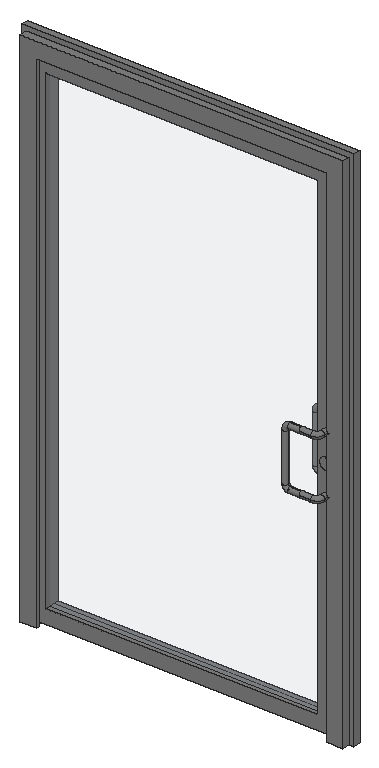
Revit family "BRU_ДверьВитражная_Однопольная_Алюминиевая", category Двери, Revit 2021
Family settings
  Номер OmniClass = 23.30.10.00
  Заголовок OmniClass = Doors
  Всегда вертикально = Да
  При загрузке вырезать с полостями = Нет
  Общий = Нет
  Точка принадлежности помещению = Нет
Parameters (values of type "Право")
  Ширина [instance] = 1440.00 mm
  Функция = Наружные слои
  Угол открывания 30 [instance] = yes
  Толщина = 50.00 mm
  Тип полотна 2 = АС-Полотно : Остекленное
  Тип полотна 1 = АС-Полотно : Остекленное
  Ручка двери = Металл окрашенный матовый RAL 7039
  Рама1_Ширина_Справа = 100.00 mm
  Рама1_Ширина_Снизу = 100.00 mm
  Рама1_Ширина_Слева = 100.00 mm
  Рама1_Ширина_Сверху = 100.00 mm
  Рама двери = Металл окрашенный матовый RAL 7039
  Равные полотна = no
  Правая = yes
  Полотна_Ширина [instance] = Ширина - Коробка_Ширина * 2  # 1320.00 mm
  Полотна_Высота [instance] = 2183.673 mm
  Панель двери = Металл окрашенный матовый RAL 7039
  Остекление двери = ADSK_Остекление_Стекло синий
  Определить тепловые свойства по = Тип схем
  Описание = "Дверь алюминиевая остекленная наружная"
  Огнестойкость = "Не нормируется"
  Высота двери [instance] = Высота - 60.00 mm  # 2243.673 mm
  Аналитическая конструкция = "<Нет>"
  ADSK_Обозначение = "ГОСТ 23747-2015"  # constant formula
  ADSK_Наименование = "ДАВ О П Дв Р 2100х1500"
  Левая = no
  Коробка_Ширина = 60.00 mm
  Коробка_Толщина = 65.00 mm
  Инструкция по семейству [instance] = ""
  Защитное ограждение = no
  Высота [instance] = 2303.673 mm
  ADSK_Этаж [instance] = ""
  ADSK_Примечание [instance] = ""
  ADSK_Предел огнестойкости = ""
  ADSK_Позиция [instance] = ""
  ADSK_Открывание [instance] = "Левая"
  ADSK_Наименование краткое = ""
  ADSK_Масса_Текст = ""
  ADSK_Количество [instance] = 0
  ADSK_Код изделия = ""
  ADSK_Зона [instance] = ""
  ADSK_Завод-изготовитель = ""
  ADSK_Единица измерения = ""
  ADSK_Группирование [instance] = ""
  ADSK_URL страницы изделия = ""
  ADSK_URL документации изделия = ""
Types (4, lengths in mm): name | Угол открывания 30 | Ручка двери | Рама двери | Правая | Панель двери | Левая
  Право | yes | Металл окрашенный матовый RAL 7039 | Металл окрашенный матовый RAL 7039 | yes | Металл окрашенный матовый RAL 7039 | no
  Лево | no | CUBE_АР_Металл_С порошковым покрытием_RAL8019 | CUBE_АР_Металл_С порошковым покрытием_RAL8019 | no | CUBE_АР_Металл_С порошковым покрытием_RAL8019 | yes
  Алютех_ВходныеГруппы_Левая | no | none | ПВХ RAL 7039 | no | ПВХ RAL 7039 | yes
  Алютех_ВходныеГруппы_Правая | no | none | ПВХ RAL 7039 | yes | ПВХ RAL 7039 | no
Reference planes
  plane 1 "По центру (Вперед/Назад)": y = 0
  plane 2: z = 0
  plane 3 "По центру (Влево/Вправо)": x = 82.523
  plane 4: x = -637.477
  plane 5: x = 802.523
  plane 6 "Верх": z = 2303.673
  plane 7: y = 32.5
  plane 8: y = -32.5
  plane 9: x = -577.477
  plane 10: x = 742.523
  plane 11: y = -17.5
  plane 12: z = 2243.673
  plane 13: z = 60
  plane 14: z = 1151.837
  plane 15: x = -577.477
Forms (mm)
  Sweep 1, solid, material "Металл окрашенный матовый RAL 7039" <- "Панель двери"
    path origin (0, 0, 0) x (1, 0, 0) y (0, 0, 1)
      loop
        line (-637.477, 0) -> (-637.477, 2303.673) -> (802.523, 2303.673) -> (802.523, 0)
    profile origin (802.523, 0, 1151.837) x (0, -1, 0) y (1, 0, 0)
      loop
        line (-0.5, 0) -> (-32.5, 0) -> (-32.5, -80) -> (17.5, -80) -> (17.5, -90) -> (32.5, -90) -> (32.5, -20) -> (-0.5, -20) -> (-0.5, 0)
Lines and regions (mm)
  Masking region 1, detail levels medium+fine
    outline origin (82.523, 0, 0) x (0, 1, 0) y (0, 0, 1)
      loop
        line (-17.5, 2223.673) -> (32.5, 2223.673) -> (32.5, 2303.673) -> (-32.5, 2303.673) -> (-32.5, 2213.673) -> (-17.5, 2213.673) -> (-17.5, 2223.673)
  Masking region 2, detail levels medium+fine
    outline origin (82.523, 0, 0) x (0, 1, 0) y (0, 0, 1)
      loop
        line (-32.5, 0) -> (32.5, 0) -> (32.5, 60) -> (-17.5, 60) -> (-17.5, 90) -> (-32.5, 90) -> (-32.5, 0)
  Masking region 3, detail levels medium+fine
    outline origin (82.523, 0, 0) x (0, 1, 0) y (0, 0, 1)
      loop
        line (-17.5, 60) -> (32.5, 60) -> (32.5, 2243.673) -> (-17.5, 2243.673) -> (-17.5, 60)
  Masking region 4, detail levels coarse
    outline origin (82.523, 0, 0) x (0, 1, 0) y (0, 0, 1)
      loop
        line (32.5, 0) -> (32.5, 2303.673) -> (-32.5, 2303.673) -> (-32.5, 0) -> (32.5, 0)
  symbolic lines, style "DoorsFrameMullionProjection", detail levels medium+fine
    curve 1: line (82.523, -32.5, 2213.673) -> (82.523, -32.5, 90)
  symbolic lines, style "Открывание", visible <- "Правая"
    curve 2: line (742.523, 0, 2243.673) -> (-577.477, 0, 1151.837)
    curve 3: line (722.523, 0, 60) -> (-577.477, 0, 1151.837)
  symbolic lines, style "Открывание", detail levels coarse+medium
    curve 4: line (-577.477, 0, 2243.673) -> (742.523, 0, 1151.837)
    curve 5: line (742.523, 0, 1151.837) -> (-577.477, 0, 60)
Text (mm)
  text "Наружный" at (-1161.5, 797.241, 0), in view "Опорный уровень "
Dimensions and locks
  equal spacing: plane 4, plane 3 "По центру (Влево/Вправо)", plane 5  (x2)
  "Ширина": plane 4 to plane 5
  equal spacing: plane 7, plane 1 "По центру (Вперед/Назад)", plane 8
  "Коробка_Толщина": plane 7 to plane 8
  "Коробка_Ширина": plane 4 to plane 9
  "Коробка_Ширина": plane 10 to plane 5
  "Толщина": plane 7 to plane 11
  "Высота": plane 6 "Верх" to plane 2
  "Коробка_Ширина": plane 12 to plane 6 "Верх"
  "Коробка_Ширина": plane 2 to plane 13
  Sweep 1 sketch curve to plane 10 = 30.00 mm
  "Полотна_Высота": plane 13 to plane 12
  equal spacing: plane 2, plane 14, plane 6 "Верх"
  "Полотна_Ширина": plane 15 to plane 10
  "Высота двери": plane 2 to plane 12
  aligned and locked: level to plane 2
  aligned and locked: plane 5 to Sweep 1 sketch curve
  aligned and locked: plane 4 to Sweep 1 sketch curve
  aligned and locked: plane 6 "Верх" to Sweep 1 sketch curve
  aligned and locked: profile plane to Sweep 1 sketch curve
  aligned and locked: plane 7 to Sweep 1 sketch curve
  aligned and locked: plane 8 to Sweep 1 sketch curve
  aligned and locked: plane 11 to Sweep 1 sketch curve
  aligned and locked: nested 1 to plane 7
  aligned and locked: nested 2 to plane 7
  aligned and locked: Masking region 1 sketch curve to Sweep 1  (x2)
  aligned and locked: Sweep 1 to Masking region 1 sketch curve
  aligned and locked: plane 8 to Masking region 1 sketch curve
  aligned and locked: plane 6 "Верх" to Masking region 1 sketch curve
  aligned and locked: plane 7 to Masking region 1 sketch curve
  aligned and locked: plane 8 to Masking region 2 sketch curve
  aligned and locked: plane 2 to Masking region 2 sketch curve
  aligned and locked: plane 7 to Masking region 2 sketch curve
  aligned and locked: plane 13 to Masking region 2 sketch curve
  aligned and locked: plane 11 to Masking region 2 sketch curve
  aligned and locked: plane 11 to Masking region 3 sketch curve
  aligned and locked: plane 7 to Masking region 3 sketch curve
  aligned and locked: plane 13 to Masking region 3 sketch curve
  aligned and locked: plane 12 to Masking region 3 sketch curve
  aligned and locked: plane 7 to Masking region 4 sketch curve
  aligned and locked: plane 8 to Masking region 4 sketch curve
  aligned and locked: plane 6 "Верх" to Masking region 4 sketch curve
  aligned and locked: plane 2 to Masking region 4 sketch curve
  aligned and locked: Sweep 1 to curve 1  (x2)
  aligned and locked: curve 3 to Sweep 1
  aligned and locked: plane 10 to curve 2
  aligned and locked: plane 10 to nested 1
  aligned and locked: plane 15 to nested 1
  aligned and locked: nested 1 to curve 3
  aligned and locked: nested 3 to plane 7
  aligned and locked: nested 3 to plane 5
  aligned and locked: plane 15 to nested 2
  aligned and locked: plane 2 to nested 1
  aligned and locked: nested 4 to plane 4
  aligned and locked: plane 7 to nested 4
  aligned and locked: plane 10 to nested 5
Automatic sketch dimensions
  Sweep 1 sketch curve to plane 1 "По центру (Вперед/Назад)" = 0.50 mm
  Sweep 1 sketch curve to Sweep 1 sketch curve = 10.00 mm
  profile plane to Sweep 1 sketch curve = 20.00 mm
  plane 13 to curve 1 = 30.00 mm
  Masking region 2 sketch curve to Masking region 2 sketch curve = 30.00 mm
  Sweep 1 sketch curve to level = 0.00 mm  (x2)
  curve 3 to plane 13 = 0.00 mm
  curve 3 to plane 14 = 0.00 mm
  curve 2 to plane 12 = 0.00 mm
  curve 4 to plane 9 = 0.00 mm
  curve 4 to plane 12 = 0.00 mm
  curve 5 to plane 9 = 0.00 mm
  curve 5 to plane 13 = 0.00 mm
  curve 5 to plane 10 = 0.00 mm
  curve 5 to plane 14 = 0.00 mm
Nested families
  nested 1: "АС-Полотно" at (82.523, 32.5, 0), Остекление двери <- "Остекление двери", Полотно двери <- "Панель двери", Фурнитура <- "Ручка двери", Полотно двери.Толщина <- "Толщина", Рама.Ширина справа <- "Рама1_Ширина_Справа", Рама.Ширина слева <- "Рама1_Ширина_Слева", Рама.Ширина внизу <- "Рама1_Ширина_Снизу", Рама.Ширина вверху <- "Рама1_Ширина_Сверху", Защитные ограждения <- "Защитное ограждение", type <- "Тип полотна 1", Полотно двери.Высота <- "Высота двери", Полотно двери.Ширина <- "Полотна_Ширина", type "Остекленное"
    with Фурнитура Металл окрашенный матовый RAL 7039, Рама.Ширина справа 100.00 mm, Рама.Ширина слева 100.00 mm, Рама.Ширина внизу 100.00 mm, Рама.Ширина вверху 100.00 mm, Полотно двери.Ширина 1320.00 mm, Полотно двери.Толщина 50.00 mm, Полотно двери.Высота 2243.673 mm, Полотно двери Металл окрашенный матовый RAL 7039, Остекление двери ADSK_Остекление_Стекло синий, Защитные ограждения no
  nested 2: "АС-Ручка двери" at (-577.477, 32.5, 200), Ручка двери <- "Ручка двери", Полотно двери.Толщина <- "Толщина", visible <- "Левая", type "АС-Стандарт"
    with Ручка двери Металл окрашенный матовый RAL 7039, Полотно двери.Толщина 50.00 mm, Отступ ручки от края 40.00 mm, Высота расположения ручки 1000.00 mm
  nested 3: "АС-Навесная-Двупольная-Обозначение на плане" at (802.523, 32.5, 0), Коробка.Ширина <- "Коробка_Ширина", Коробка.Толщина <- "Коробка_Толщина", Толщина <- "Толщина", Height <- "Высота", Rough Width <- "Полотна_Ширина", visible <- "Левая", type "АС-Стандарт"
    with built-in parameter 1001301 1440.00 mm, Толщина 50.00 mm, built-in parameter 1001305 1320.00 mm, Коробка.Ширина 60.00 mm, Коробка.Толщина 65.00 mm, built-in parameter 1001300 2303.673 mm, Открывание двери 90 no, Открывание двери 30 yes, Линия открывания (дуга) no
  nested 4: "АС-Навесная-Двупольная-Обозначение на плане" at (-637.477, 32.5, 0) x (-1, 0, 0) z (0, 0, 1), Коробка.Ширина <- "Коробка_Ширина", Коробка.Толщина <- "Коробка_Толщина", Толщина <- "Толщина", Height <- "Высота", Rough Width <- "Полотна_Ширина", visible <- "Правая", type "АС-Стандарт"
    with built-in parameter 1001301 1440.00 mm, Толщина 50.00 mm, built-in parameter 1001305 1320.00 mm, Коробка.Ширина 60.00 mm, Коробка.Толщина 65.00 mm, built-in parameter 1001300 2303.673 mm, Открывание двери 90 no, Открывание двери 30 yes, Линия открывания (дуга) no
  nested 5: "АС-Ручка двери" at (742.523, 32.5, 200) x (-1, 0, 0) z (0, 0, 1), Ручка двери <- "Ручка двери", Полотно двери.Толщина <- "Толщина", visible <- "Правая", type "АС-Стандарт"
    with Ручка двери Металл окрашенный матовый RAL 7039, Полотно двери.Толщина 50.00 mm, Отступ ручки от края 40.00 mm, Высота расположения ручки 1000.00 mm
Definition of nested family "АС-Полотно"
  Parameters (values of type "Остекленное")
    Фурнитура [instance] = none
    Рама.Ширина справа [instance] = 150.00 mm
    Рама.Ширина слева [instance] = 150.00 mm
    Рама.Ширина внизу [instance] = 600.00 mm
    Рама.Ширина вверху [instance] = 150.00 mm
    Полотно двери.Ширина [instance] = 1000.00 mm
    Полотно двери.Толщина [instance] = 40.00 mm
    Полотно двери.Высота [instance] = 2100.00 mm
    Полотно двери [instance] = none
    Остекленная = not(Глухая)  # yes
    Защитное ограждение.Высота расположения = 600.00 mm
    Глухая = no
    Остекление двери [instance] = none
    Защитные ограждения [instance] = no
    Default Elevation = 0.00 mm
    Analytic Construction = "<Нет>"
  Reference planes
    plane 1 "Center (Front/Back)": y = 0
    plane 2: z = 0
    plane 3 "Center (Left/Right)": x = 0
    plane 4: x = -500
    plane 5: x = 500
    plane 6 "Back": y = -40
    plane 7: z = 2100
    plane 8 "Остекление снаружи": y = -8
    plane 9 "Остекление внутри": y = -32
    plane 10 "Ширина рамы справа": x = -350
    plane 11 "Ширина рамы слева": x = 350
    plane 12 "Ширина рамы внизу": z = 600
    plane 13 "Ширина рамы вверху": z = 1950
    plane 14: z = 600
    plane 15: z = 450
    plane 16: z = 300
  Forms (mm)
    Extrusion 1, solid, material <- "Остекление двери", visible <- "Остекленная", detail levels medium+fine
      sketch origin (-646.608, -8, 1200) x (-1, 0, 0) y (0, 0, 1)
        loop
          line (-206.608, 820) -> (-1066.608, 820) -> (-1066.608, -1120) -> (-206.608, -1120) -> (-206.608, 820)
      from 0 to -24
    Sweep 2, solid, material <- "Полотно двери", visible <- "Остекленная", detail levels medium+fine
      path origin (0, 0, 0) x (1, 0, 0) y (0, 0, 1)
        loop
          line (-520, 2100) -> (-520, 0) -> (500, 0) -> (500, 2100) -> (-520, 2100)
      profile origin (-520, 0, 1050) x (0, -1, 0) y (1, 0, 0)
        loop
          line (40, 20) -> (40, 80) -> (-15, 80) -> (-15, 5) -> (0, 5) -> (0, 20) -> (40, 20)
    Extrusion 3, void
      sketch origin (0, -40, 0) x (-1, 0, 0) y (0, 0, 1)
        loop
          line (500, 2095) -> (500, -15) -> (545, -15) -> (545, 2095) -> (500, 2095)
      from -35.952 to 98.86
  Cuts and joins
    Extrusion 3 cuts Sweep 2
  Dimensions and locks
    "Полотно двери.Толщина": plane 1 "Center (Front/Back)" to plane 6 "Back"
    equal spacing: plane 4, plane 3 "Center (Left/Right)", plane 5
    "Полотно двери.Ширина": plane 4 to plane 5
    "Полотно двери.Высота": plane 7 to plane 2
    locked: plane 9 "Остекление внутри" to plane 6 "Back" at 8
    locked: plane 1 "Center (Front/Back)" to plane 8 "Остекление снаружи" at 8
    "Рама.Ширина вверху": plane 7 to plane 13 "Ширина рамы вверху"
    "Рама.Ширина внизу": plane 12 "Ширина рамы внизу" to plane 2
    "Рама.Ширина справа": plane 5 to plane 11 "Ширина рамы слева"
    "Рама.Ширина слева": plane 10 "Ширина рамы справа" to plane 4
    "Защитное ограждение.Высота расположения": plane 14 to plane 2
    plane 14 to plane 15 to plane 16 = 150.00 mm locked, 150.00 mm locked
    plane 7 to plane 2 = 2100.00 mm
    locked: plane 1 "Center (Front/Back)" to Sweep 2 sketch curve at 15
    Sweep 2 sketch curve to plane 4 = 15.00 mm
    aligned and locked: level to plane 2
    aligned and locked: Sweep 2 sketch curve to plane 5
    aligned and locked: Sweep 2 sketch curve to plane 2
    aligned and locked: plane 6 "Back" to Sweep 2 sketch curve
    aligned and locked: plane 1 "Center (Front/Back)" to Sweep 2 sketch curve
    aligned and locked: Sweep 2 to Extrusion 3 sketch curve
    aligned and locked: cut or joined group of Sweep 2, Extrusion 3 to Extrusion 1 sketch curve
    aligned and locked: Extrusion 1 sketch curve to cut or joined group of Sweep 2, Extrusion 3  (x3)
  Automatic sketch dimensions
    Extrusion 3 sketch curve to plane 4 = 45.00 mm
    Extrusion 3 sketch curve to level = 15.00 mm
    level to Extrusion 1 sketch curve = 80.00 mm
    Sweep 2 sketch curve to plane 4 = 20.00 mm
    Sweep 2 sketch curve to plane 7 = 0.00 mm
    plane 4 to Extrusion 3 sketch curve = 0.00 mm
    Sweep 2 sketch curve to profile plane = 20.00 mm
    Sweep 2 sketch curve to Sweep 2 sketch curve = 60.00 mm
Definition of nested family "АС-Ручка двери"
  Parameters
    Ручка двери [instance] = none
    Полотно двери.Толщина [instance] = 90.00 mm
    Отступ ручки от края = 90.00 mm
    Высота расположения ручки = 900.00 mm
    Default Elevation = 0.00 mm
  Reference planes
    plane 1 "Наружная сторона полотна": y = 0
    plane 2: z = 0
    plane 3 "Край полотна": x = 0
    plane 4 "Вертикаль расположения": x = 90
    plane 5 "Горизонталь расположения": z = 900
    plane 6 "Внутренняя сторона полотна": y = -90
    plane 7: z = 650
    plane 8: y = 65
    plane 9: y = -140
  Forms (mm)
    Sweep 1, solid, material <- "Ручка двери", detail levels fine
      path origin (0, 0, 900) x (1, 0, 0) y (0, 1, 0)
        loop
          line (160, 65) -> (110, 65)
          arc (110, 65) -> (95.858, 59.142) -> (90, 45) r 20
          line (90, 45) -> (90, -120)
          arc (90, -120) -> (95.858, -134.142) -> (110, -140) r 20
          line (110, -140) -> (160, -140)
      profile origin (90, -37.5, 900) x (1, 0, 0) y (0, 0, 1)
        loop
          circle (0, 0) r 12
    Extrusion 2, solid, material <- "Ручка двери", detail levels fine
      sketch origin (0, 0, 0) x (1, 0, 0) y (0, 0, 1)
        loop
          circle (90, 775) r 25
      from 98 to -23
    Sweep 3, solid, material <- "Ручка двери", detail levels fine
      path origin (592.846, -30.48, 650) x (1, 0, 0) y (0, 1, 0)
        loop
          line (-432.846, 95.48) -> (-482.846, 95.48)
          arc (-482.846, 95.48) -> (-496.988, 89.622) -> (-502.846, 75.48) r 20
          line (-502.846, 75.48) -> (-502.846, -89.52)
          arc (-502.846, -89.52) -> (-496.988, -103.662) -> (-482.846, -109.52) r 20
          line (-482.846, -109.52) -> (-432.846, -109.52)
      profile origin (90, -37.5, 650) x (1, 0, 0) y (0, 0, 1)
        loop
          circle (0, 0) r 12
    Sweep 4, solid, material <- "Ручка двери", detail levels fine
      path origin (160, 65, 1200) x (1, 0, 0) y (0, 0, 1)
        loop
          line (0, -300) -> (50, -300)
          arc (50, -300) -> (64.142, -305.858) -> (70, -320) r 20
          line (70, -320) -> (70, -530)
          arc (70, -530) -> (64.142, -544.142) -> (50, -550) r 20
          line (50, -550) -> (0, -550)
      profile origin (185, 65, 900) x (0, 0, 1) y (0, -1, 0)
        loop
          circle (0, 0) r 12
    Sweep 5, solid, material <- "Ручка двери", detail levels fine
      path origin (160, -140, 1200) x (1, 0, 0) y (0, 0, 1)
        loop
          line (0, -300) -> (50, -300)
          arc (50, -300) -> (64.142, -305.858) -> (70, -320) r 20
          line (70, -320) -> (70, -530)
          arc (70, -530) -> (64.142, -544.142) -> (50, -550) r 20
          line (50, -550) -> (0, -550)
      profile origin (185, -140, 900) x (0, 0, 1) y (0, -1, 0)
        loop
          circle (0, 0) r 12
  Cuts and joins
    joined: Sweep 1, Sweep 3, Sweep 4, Sweep 5
  Dimensions and locks
    "Отступ ручки от края": plane 3 "Край полотна" to plane 4 "Вертикаль расположения"
    "Высота расположения ручки": plane 5 "Горизонталь расположения" to level
    "Полотно двери.Толщина": plane 1 "Наружная сторона полотна" to plane 6 "Внутренняя сторона полотна"
    locked: plane 1 "Наружная сторона полотна" to Extrusion 2 at 23
    locked: plane 6 "Внутренняя сторона полотна" to Extrusion 2 at 8
    locked: Extrusion 2 sketch curve to plane 5 "Горизонталь расположения" at 125
    locked: Extrusion 2 sketch curve to plane 4 "Вертикаль расположения"
    locked: plane 1 "Наружная сторона полотна" to Sweep 1 sketch curve at 65
    locked: plane 6 "Внутренняя сторона полотна" to Sweep 1 sketch curve at 50
    locked: plane 4 "Вертикаль расположения" to Sweep 1 sketch curve at 70  (x2)
    locked: Sweep 1 sketch curve to plane 5 "Горизонталь расположения"
    locked: plane 4 "Вертикаль расположения" to Sweep 1 sketch curve at 0
    locked: plane 1 "Наружная сторона полотна" to Sweep 3 sketch curve at 65
    locked: plane 6 "Внутренняя сторона полотна" to Sweep 3 sketch curve at 50
    locked: plane 4 "Вертикаль расположения" to Sweep 3 sketch curve at 70  (x2)
    locked: plane 7 to plane 5 "Горизонталь расположения" at 250
    locked: plane 8 to plane 1 "Наружная сторона полотна" at 65
    locked: plane 9 to plane 6 "Внутренняя сторона полотна" at 50
    locked: Sweep 4 sketch curve to plane 4 "Вертикаль расположения" at 140
    locked: Sweep 5 sketch curve to plane 4 "Вертикаль расположения" at 140
    aligned and locked: Sweep 1 sketch curve to plane 4 "Вертикаль расположения"
    aligned and locked: Sweep 3 sketch curve to plane 4 "Вертикаль расположения"
    aligned and locked: plane 7 to Sweep 4 sketch curve
    aligned and locked: plane 5 "Горизонталь расположения" to Sweep 4 sketch curve
    aligned and locked: plane 5 "Горизонталь расположения" to Sweep 5 sketch curve
    aligned and locked: plane 7 to Sweep 5 sketch curve
  Automatic sketch dimensions
    plane 4 "Вертикаль расположения" to Sweep 1 sketch curve = 20.00 mm  (x2)
    plane 4 "Вертикаль расположения" to Sweep 3 sketch curve = 20.00 mm  (x2)
    Sweep 3 sketch curve to plane 7 = 0.00 mm
    profile plane to Sweep 3 sketch curve = 0.00 mm
    Sweep 4 sketch curve to Sweep 4 sketch curve = 20.00 mm
    Sweep 4 sketch curve to plane 5 "Горизонталь расположения" = 20.00 mm
    Sweep 4 sketch curve to Sweep 4 sketch curve = 50.00 mm  (x2)
    Sweep 4 sketch curve to plane 8 = 0.00 mm
    profile plane to Sweep 4 sketch curve = 0.00 mm
    profile plane to Sweep 5 sketch curve = 0.00 mm
    Sweep 5 sketch curve to profile plane = 0.00 mm
    plane 4 "Вертикаль расположения" to Sweep 5 sketch curve = 70.00 mm
    Sweep 5 sketch curve to Sweep 5 sketch curve = 50.00 mm  (x2)
    Sweep 5 sketch curve to plane 5 "Горизонталь расположения" = 20.00 mm
    radius of Sweep 1 sketch curve = 12.00 mm
    radius of Extrusion 2 sketch curve = 25.00 mm
    radius of Sweep 3 sketch curve = 12.00 mm
    radius of Sweep 4 sketch curve = 12.00 mm
    radius of Sweep 5 sketch curve = 12.00 mm
Definition of nested family "АС-Навесная-Двупольная-Обозначение на плане"
  Parameters (values of type "АС-Стандарт")
    Открывание двери 90 = not(Открывание двери 30)  # yes
    Открывание двери 30 = no
    Define Thermal Properties by = 1
    Линия открывания (дуга) = not(Открывание двери 30)  # yes
    Коробка.Ширина [instance] = 40.00 mm
    Коробка.Толщина [instance] = 80.00 mm
    Width [instance] = Rough Width + Коробка.Ширина * 2  # 980.00 mm
    Thickness [instance] = 40.00 mm
    Rough Width [instance] = 900.00 mm
    Height [instance] = 2100.00 mm
    Default Elevation = 0.00 mm
    Analytic Construction = "<Нет>"
  Reference planes
    plane 1 "Center (Front/Back)": y = 0
    plane 2: z = 0
    plane 3 "Center (Left/Right)": x = 0
    plane 4 "Полотно справа": x = 0
    plane 5 "Полотно. Внутренняя сторона": y = -40
    plane 6 "Коробка. Внутренняя сторона": y = -80
    plane 7 "Коробка.Внутренняя сторона слева": x = -940
    plane 8 "Коробка. Внутренняя сторона справа": x = -40
    plane 9: x = -980
  Lines and regions (mm)
    Masking region 1, detail levels fine
      outline origin (0, 0, 0) x (1, 0, 0) y (0, 1, 0)
        loop
          line (0, 0) -> (-40, 0) -> (-40, -40) -> (-50, -40) -> (-50, -80) -> (0, -80) -> (0, 0)
        loop
          line (-980, 0) -> (-980, -80) -> (-930, -80) -> (-930, -40) -> (-940, -40) -> (-940, 0) -> (-980, 0)
    Masking region 2, visible <- "Открывание двери 90", detail levels fine
      outline origin (0, 0, 0) x (1, 0, 0) y (0, 1, 0)
        loop
          line (-40, 0) -> (-40, 900) -> (-80, 900) -> (-80, 0) -> (-40, 0)
    Masking region 3, visible <- "Открывание двери 30", detail levels fine
      outline origin (0, 0, 0) x (1, 0, 0) y (0, 1, 0)
        loop
          line (-40, 0) -> (-819.423, 450) -> (-839.423, 415.359) -> (-60, -34.641) -> (-40, 0)
    symbolic lines, visible <- "Открывание двери 30", detail levels coarse+medium
      curve 1: line (0, 0, 0) -> (-848.705, 490, 0)
    symbolic lines, visible <- "Открывание двери 90", detail levels coarse+medium
      curve 2: line (0, 0, 0) -> (0, 980, 0)
      curve 5: arc (-980, 0, 0) -> (-692.965, 692.965, 0) -> (0, 980, 0) r 980
    symbolic lines, visible <- "Линия открывания (дуга)", detail levels fine
      curve 3: arc (-940, 0, 0) -> (-676.396, 636.396, 0) -> (-40, 900, 0) r 900
    model lines
      curve 4: line (0, 0, 0) -> (0, 0, 2100)
    symbolic lines, visible <- "Открывание двери 30", detail levels fine
      curve 6: arc (-940, -0.435, 0) -> (-909.446, 232.517, 0) -> (-819.64, 449.623, 0) r 900
  Dimensions and locks
    "Thickness": plane 1 "Center (Front/Back)" to plane 5 "Полотно. Внутренняя сторона"
    plane 1 "Center (Front/Back)" to plane 6 "Коробка. Внутренняя сторона" = 80.00 mm
    "Коробка.Толщина": plane 6 "Коробка. Внутренняя сторона" to plane 1 "Center (Front/Back)"
    "Rough Width": plane 7 "Коробка.Внутренняя сторона слева" to plane 8 "Коробка. Внутренняя сторона справа"
    "Width": curve 1 to curve 1
    "Width": plane 1 "Center (Front/Back)" to curve 2
    locked: Masking region 1 sketch curve to Masking region 1 sketch curve at 10
    "Rough Width": plane 1 "Center (Front/Back)" to Masking region 2 sketch curve
    "Thickness": Masking region 2 sketch curve to plane 8 "Коробка. Внутренняя сторона справа"
    "Rough Width": Masking region 3 sketch curve to Masking region 3 sketch curve
    "Thickness": Masking region 3 sketch curve to Masking region 3 sketch curve
    "Height": curve 4 to level
    "Коробка.Ширина": plane 8 "Коробка. Внутренняя сторона справа" to plane 4 "Полотно справа"
    "Коробка.Ширина": plane 9 to plane 7 "Коробка.Внутренняя сторона слева"
    locked: plane 7 "Коробка.Внутренняя сторона слева" to Masking region 1 sketch curve at 10
    "Rough Width": radius of curve 3
    "Rough Width": radius of curve 6
    locked: curve 1 to plane 1 "Center (Front/Back)" (angle 30.00°)
    locked: Masking region 3 sketch curve to plane 1 "Center (Front/Back)" (angle 30.00°)
    angle curve 6 to curve 6 = 30.00°
    aligned and locked: level to plane 2
    aligned and locked: plane 1 "Center (Front/Back)" to curve 2
    aligned and locked: Masking region 1 sketch curve to plane 4 "Полотно справа"
    aligned and locked: Masking region 1 sketch curve to plane 8 "Коробка. Внутренняя сторона справа"
    aligned and locked: Masking region 1 sketch curve to plane 6 "Коробка. Внутренняя сторона"
    aligned and locked: Masking region 1 sketch curve to plane 5 "Полотно. Внутренняя сторона"
    aligned and locked: Masking region 1 sketch curve to plane 1 "Center (Front/Back)"
    aligned and locked: plane 8 "Коробка. Внутренняя сторона справа" to curve 3
    aligned and locked: Masking region 1 to Masking region 2 sketch curve
    aligned and locked: Masking region 2 sketch curve to Masking region 1
    aligned and locked: plane 8 "Коробка. Внутренняя сторона справа" to Masking region 3 sketch curve
    aligned and locked: plane 2 to curve 4
    aligned and locked: plane 3 "Center (Left/Right)" to curve 4
    aligned and locked: plane 3 "Center (Left/Right)" to curve 2
    aligned and locked: plane 3 "Center (Left/Right)" to plane 4 "Полотно справа"
    aligned and locked: plane 1 "Center (Front/Back)" to curve 5
    aligned and locked: plane 6 "Коробка. Внутренняя сторона" to Masking region 1 sketch curve
    aligned and locked: plane 1 "Center (Front/Back)" to Masking region 1 sketch curve
    aligned and locked: plane 9 to Masking region 1 sketch curve
  Automatic sketch dimensions
    Masking region 1 sketch curve to plane 7 "Коробка.Внутренняя сторона слева" = 0.00 mm
    Masking region 1 sketch curve to plane 5 "Полотно. Внутренняя сторона" = 0.00 mm
    curve 3 to curve 6 = 0.00 mm  (x2)
    plane 1 "Center (Front/Back)" to curve 6 = 0.00 mm
    plane 7 "Коробка.Внутренняя сторона слева" to curve 6 = 0.00 mm
    plane 1 "Center (Front/Back)" to Masking region 3 sketch curve = 0.00 mm
